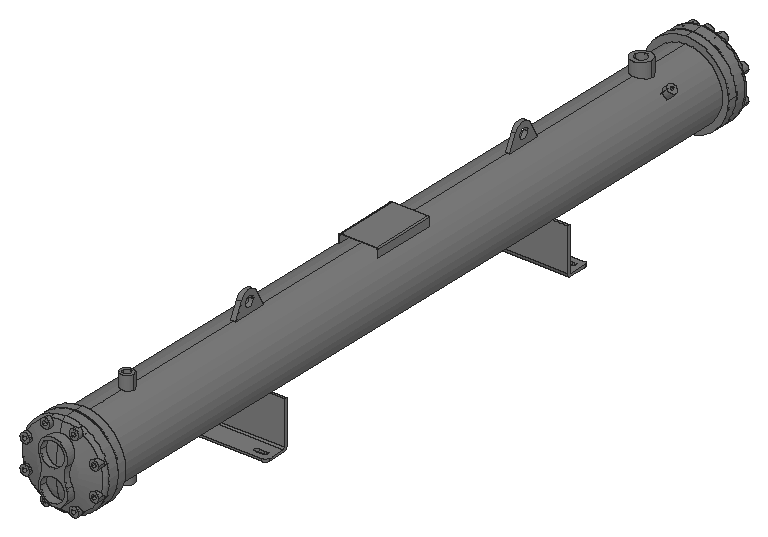
Revit family "MIT-BC_165_4P", category Specialty Equipment, Revit 2022
Family settings
  Round Connector Dimension = Use Radius
  Part Type = Normal
  Work Plane-Based = No
  Always vertical = Yes
  Cut with Voids When Loaded = No
  Maintain Annotation Orientation = No
  Shared = No
  Room Calculation Point = No
Parameters
  URL = "https://en.ekinendustriyel.com/evaporators-and-condensers"
  Test Pressure = 64.35 bar
  Production Standard = "TS EN 13831"
  Operating Pressure = 45.0 bar
  Model = "MIT-BC 165_4P"
  Manufacturer = "Ekin Endüstriyel"
  Keynote = "Condensers"
  Description = "MIT- Condensers"
  Default Elevation = 0 mm
Reference planes
  plane 1 "Center (Front/Back)": y = 0
  plane 2: z = 0
  plane 3 "Center (Left/Right)": x = 0
Forms (mm)
  Extrusion 1, solid, material "Ekin Endustriyel-S235JR", detail levels medium+fine
    sketch origin (0, 0, 0) x (1, 0, 0) y (0, 0, 1)
      loop
        circle (0, 164.15) r 84.15
    from -880 to 880
  Extrusion 2, solid, material "Ekin Endustriyel-S235JR", detail levels fine
    sketch origin (0, 0, 0) x (1, 0, 0) y (0, 0, 1)
      loop
        line (-45, 235.88) -> (-44, 235.88) -> (-44, 252.88)
        arc (-44, 252.88) -> (-43.414, 254.294) -> (-42, 254.88) r 2
        line (-42, 254.88) -> (42, 254.88)
        arc (42, 254.88) -> (43.414, 254.294) -> (44, 252.88) r 2
        line (44, 252.88) -> (44, 235.88) -> (45, 235.88) -> (45, 252.88)
        arc (45, 252.88) -> (44.121, 255.002) -> (42, 255.88) r 3
        line (42, 255.88) -> (-42, 255.88)
        arc (-42, 255.88) -> (-44.121, 255.002) -> (-45, 252.88) r 3
        line (-45, 252.88) -> (-45, 235.88)
    from -75 to 75
  Extrusion 3, solid, material "Ekin Endustriyel-S235JR", detail levels fine
    sketch origin (0, 500.19, 0) x (1, 0, 0) y (0, 1, 0)
      loop
        circle (0, 249.81) r 23.75
      loop
        circle (0, 249.81) r 14.25
    from 278.3 to 204.31
  Extrusion 4, solid, material "Ekin Endustriyel-S235JR", detail levels fine
    sketch origin (0, -499.666, 0) x (1, 0, 0) y (0, 1, 0)
      loop
        circle (0.015, -250.334) r 15.25
      loop
        circle (0.015, -250.334) r 8.928
    from 278.3 to 211.07
  Extrusion 5, solid, material "Ekin Endustriyel-S235JR", detail levels fine
    sketch origin (71.72, 749.856, 235.87) x (0, 1, 0) y (-0.707107, 0, 0.707107)
      loop
        circle (0, 0) r 11
      loop
        circle (0, 0) r 4.216
    from 0 to -32.02
  Extrusion 6, solid, material "Ekin Endustriyel-S235JR", detail levels fine
    sketch origin (0, -500.291, 0) x (1, 0, 0) y (0, 1, 0)
      loop
        circle (0.015, -249.709) r 16.75
      loop
        circle (0.015, -249.709) r 13.335
    from 51.131 to 169.15
  Extrusion 7, solid, material "Ekin Endustriyel-S235JR", detail levels medium+fine
    sketch origin (0, -549.666, 0) x (1, 0, 0) y (0, 0, 1)
      loop
        circle (0, 164.15) r 100
    from 330.334 to 350.334
  Extrusion 8, solid, material "Ekin Endustriyel-S235JR", detail levels medium+fine
    sketch origin (0, 1180.334, 0) x (1, 0, 0) y (0, 0, 1)
      loop
        circle (0, 164.15) r 100
    from 280.334 to 300.334
  Revolve 9, solid, material "Ekin Endustriyel-S235JR", detail levels medium+fine
    sketch origin (0, -549.666, 0) x (0, 1, 0) y (0, 0, 1)
      loop
        line (-352.334, 264.15) -> (-377.299, 264.15)
        arc (-377.299, 264.15) -> (-382.802, 262.5) -> (-386.489, 258.094) r 10
        arc (-386.489, 258.094) -> (-401.262, 212.101) -> (-407.122, 164.15) r 255.705
        line (-407.122, 164.15) -> (-352.334, 164.15) -> (-352.334, 264.15)
      axis (-352.334, 164.15) -> (-407.122, 164.15)
    angle from 0 to 360
  Extrusion 10, solid, material "Ekin Endustriyel-S235JR", detail levels medium+fine
    sketch origin (0, 549.666, 0) x (1, 0, 0) y (0, 0, -1)
      loop
        circle (0, -164.15) r 100
    from 330.334 to 350.334
  Revolve 11, solid, material "Ekin Endustriyel-S235JR", detail levels medium+fine
    sketch origin (0, 549.666, 0) x (0, -1, 0) y (0, 0, -1)
      loop
        line (-352.334, -264.15) -> (-352.334, -164.15) -> (-407.122, -164.15)
        arc (-407.122, -164.15) -> (-401.262, -212.101) -> (-386.489, -258.094) r 255.705
        arc (-386.489, -258.094) -> (-382.802, -262.5) -> (-377.299, -264.15) r 10
        line (-377.299, -264.15) -> (-352.334, -264.15)
      axis (-352.334, -164.15) -> (-407.122, -164.15)
    angle from 0 to 360
  Extrusion 12, solid, material "Ekin Endustriyel-S235JR", detail levels coarse
    sketch origin (0, 0, 0) x (1, 0, 0) y (0, 0, 1)
      loop
        circle (0, 164.159) r 99.991
    from -957 to 966.924
  Extrusion 13, solid, material "Ekin Endustriyel-S235JR"
    sketch origin (0, 275.334, 0) x (0, 1, 0) y (0, 0, 1)
      loop
        arc (134.666, 9) -> (137.302, 2.636) -> (143.666, 0) r 9
        line (143.666, 0) -> (194.666, 0) -> (194.666, 5) -> (143.666, 5)
        arc (143.666, 5) -> (140.837, 6.172) -> (139.666, 9) r 4
        line (139.666, 9) -> (139.666, 110) -> (134.666, 110) -> (134.666, 9)
    from -100 to 100
  Extrusion 14, void
    sketch origin (0, 470, 5) x (0, -1, 0) y (1, 0, 0)
      loop
        line (25.25, 63.5) -> (25.25, 83.5)
        arc (25.25, 83.5) -> (20, 88.75) -> (14.75, 83.5) r 5.25
        line (14.75, 83.5) -> (14.75, 63.5)
        arc (14.75, 63.5) -> (20, 58.25) -> (25.25, 63.5) r 5.25
      loop
        line (10, 100) -> (-10, 100) -> (-10, -100) -> (10, -100)
        arc (10, -100) -> (2.929, -97.071) -> (0, -90) r 10
        line (0, -90) -> (0, 90)
        arc (0, 90) -> (2.929, 97.071) -> (10, 100) r 10
      loop
        arc (14.75, -83.5) -> (20, -88.75) -> (25.25, -83.5) r 5.25
        line (25.25, -83.5) -> (25.25, -63.5)
        arc (25.25, -63.5) -> (20, -58.25) -> (14.75, -63.5) r 5.25
        line (14.75, -63.5) -> (14.75, -83.5)
    from -5 to 0
  Extrusion 15, solid, material "Ekin Endustriyel-S235JR"
    sketch origin (0, -275.334, 0) x (0, -1, 0) y (0, 0, -1)
      loop
        line (134.666, -9) -> (134.666, -110) -> (139.666, -110) -> (139.666, -9)
        arc (139.666, -9) -> (140.837, -6.172) -> (143.666, -5) r 4
        line (143.666, -5) -> (194.666, -5) -> (194.666, 0) -> (143.666, 0)
        arc (143.666, 0) -> (137.302, -2.636) -> (134.666, -9) r 9
    from -100 to 100
  Extrusion 16, void
    sketch origin (0, -470, 5) x (0, 1, 0) y (-1, 0, 0)
      loop
        arc (25.25, -63.5) -> (20, -58.25) -> (14.75, -63.5) r 5.25
        line (14.75, -63.5) -> (14.75, -83.5)
        arc (14.75, -83.5) -> (20, -88.75) -> (25.25, -83.5) r 5.25
        line (25.25, -83.5) -> (25.25, -63.5)
      loop
        arc (10, -100) -> (2.929, -97.071) -> (0, -90) r 10
        line (0, -90) -> (0, 90)
        arc (0, 90) -> (2.929, 97.071) -> (10, 100) r 10
        line (10, 100) -> (-10, 100) -> (-10, -100) -> (10, -100)
      loop
        line (14.75, 83.5) -> (14.75, 63.5)
        arc (14.75, 63.5) -> (20, 58.25) -> (25.25, 63.5) r 5.25
        line (25.25, 63.5) -> (25.25, 83.5)
        arc (25.25, 83.5) -> (20, 88.75) -> (14.75, 83.5) r 5.25
    from -5 to 0
  Extrusion 17, solid, material "Ekin Endustriyel-S235JR", detail levels medium+fine
    sketch origin (40, -549.666, 0) x (1, 0, 0) y (0, 0, 1)
      loop
        circle (-40, 201.65) r 28.5
      loop
        circle (-40, 126.65) r 28.5
      loop
        arc (-8.128, 185.875) -> (-37.187, 236.112) -> (-70.839, 188.829) r 34.5
        arc (-70.839, 188.829) -> (-65.102, 164.15) -> (-70.839, 139.471) r 55.945
        arc (-70.839, 139.471) -> (-38.81, 92.15) -> (-6.781, 139.471) r 34.5
        arc (-6.781, 139.471) -> (-12.495, 162.527) -> (-8.128, 185.875) r 55.945
    from 390.526 to 417.259
  Extrusion 18, solid, material "Ekin Endustriyel-S235JR", detail levels medium+fine
    sketch origin (0, 550.334, 0) x (1, 0, 0) y (0, 0, 1)
      loop
        circle (-80.837, 197.64) r 11
      loop
        circle (-80.837, 197.64) r 5.497
      loop
        circle (-80.837, 130.66) r 11
      loop
        circle (-80.837, 130.66) r 5.497
      loop
        circle (80.837, 197.64) r 11
      loop
        circle (80.837, 197.64) r 5.497
      loop
        circle (80.837, 130.66) r 11
      loop
        circle (80.837, 130.66) r 5.497
      loop
        circle (33.49, 244.987) r 11
      loop
        circle (33.49, 244.987) r 5.497
      loop
        circle (-33.49, 244.987) r 11
      loop
        circle (-33.49, 244.987) r 5.497
      loop
        circle (33.49, 83.313) r 11
      loop
        circle (33.49, 83.313) r 5.497
      loop
        circle (-33.49, 83.313) r 11
      loop
        circle (-33.49, 83.313) r 5.497
      loop
        circle (0, 246.649) r 12.497
      loop
        circle (0, 246.649) r 5.497
      loop
        circle (0, 81.651) r 12.497
      loop
        circle (0, 81.651) r 5.497
    from -396.666 to -367.889
  Extrusion 19, solid, material "Ekin Endustriyel-S235JR", detail levels medium+fine
    sketch origin (0, -549.666, 0) x (1, 0, 0) y (0, 0, -1)
      loop
        circle (-80.837, -197.64) r 11
      loop
        circle (-80.837, -197.64) r 5.497
      loop
        circle (-80.837, -130.66) r 11
      loop
        circle (-80.837, -130.66) r 5.497
      loop
        circle (80.837, -197.64) r 11
      loop
        circle (80.837, -197.64) r 5.497
      loop
        circle (80.837, -130.66) r 11
      loop
        circle (80.837, -130.66) r 5.497
      loop
        circle (33.49, -244.987) r 11
      loop
        circle (33.49, -244.987) r 5.497
      loop
        circle (-33.49, -244.987) r 11
      loop
        circle (-33.49, -244.987) r 5.497
      loop
        circle (33.49, -83.313) r 11
      loop
        circle (33.49, -83.313) r 5.497
      loop
        circle (-33.49, -83.313) r 11
      loop
        circle (-33.49, -83.313) r 5.497
    from -396.666 to -367.889
  Extrusion 20, solid, material "Ekin Endustriyel-S235JR", detail levels medium+fine
    sketch origin (0, 550.334, 0) x (1, 0, 0) y (0, 0, 1)
      loop
        circle (-35.355, 199.505) r 22
      loop
        circle (35.355, 128.795) r 22
    from -406.666 to -351.666
  Extrusion 21, solid, material "Ekin Endustriyel-S235JR", detail levels fine
    sketch origin (0, -0.334, 0) x (0, -1, 0) y (0, 0, -1)
      loop
        line (-440.334, -248.151) -> (-422.806, -284.106)
        arc (-422.806, -284.106) -> (-400.334, -298.151) -> (-377.863, -284.106) r 25
        line (-377.863, -284.106) -> (-360.334, -248.151) -> (-440.334, -248.151)
      loop
        circle (-400.334, -273.151) r 12.5
      loop
        line (439.666, -248.151) -> (359.666, -248.151) -> (377.194, -284.106)
        arc (377.194, -284.106) -> (399.666, -298.151) -> (422.137, -284.106) r 25
        line (422.137, -284.106) -> (439.666, -248.151)
      loop
        circle (399.666, -273.151) r 12.5
    from -5 to 5
Cuts and joins
  Extrusion 14, Extrusion 16 cuts Extrusion 13
  Extrusion 16 cuts Extrusion 15
Dimensions and locks
  aligned and locked: level to plane 2
Connectors
  piping at (0, -966.924, 201.65), diameter 50.8
    settings: on Extrusion 17, index 1, connector inside diameter 609.6 mm, connector length 0 mm, flow factor 0, pipe flow 0.0 L/s, pressure drop 0.0 Pa, fitting loss kfactor 0, connector angle 0.00°, fixture units 0, engagement length 0 mm, angle of deflection 0.00°, flow configuration 0, flow direction 1, fitting loss method 0, system type 7, joint type 0, gender type 0, connector reference index -1, connector utility 0, adjustable connector no, is connector primary yes, connector description ""
  piping at (0, -966.924, 126.65), diameter 50.8
    settings: on Extrusion 17, index 2, connector inside diameter 609.6 mm, connector length 0 mm, flow factor 0, pipe flow 0.0 L/s, pressure drop 0.0 Pa, fitting loss kfactor 0, connector angle 0.00°, fixture units 0, engagement length 0 mm, angle of deflection 0.00°, flow configuration 0, flow direction 2, fitting loss method 0, system type 7, joint type 0, gender type 0, connector reference index -1, connector utility 0, adjustable connector no, is connector primary no, connector description ""
  hvac at (0, 750, 278.3)
    settings: on Extrusion 3, index 3, duct flow 0.0 L/s, flow factor 0, pres drop 0.0 bar, loss coef 0, conn angle 0.00°, conn width 304.8 mm, conn height 304.8 mm, conn diameter 42 mm, duct sys type 3, conn prof type 0, flow config 0, flow direction 0, loss method 0, conn ref index -1, conn util no, is conn primary yes, conn desc ""
  hvac at (0.015, -750, 51.131)
    settings: on Extrusion 6, index 4, duct flow 0.0 L/s, flow factor 0, pres drop 0.0 bar, loss coef 0, conn angle 0.00°, conn width 304.8 mm, conn height 304.8 mm, conn diameter 35 mm, duct sys type 3, conn prof type 0, flow config 0, flow direction 0, loss method 0, conn ref index -1, conn util no, is conn primary no, conn desc ""
